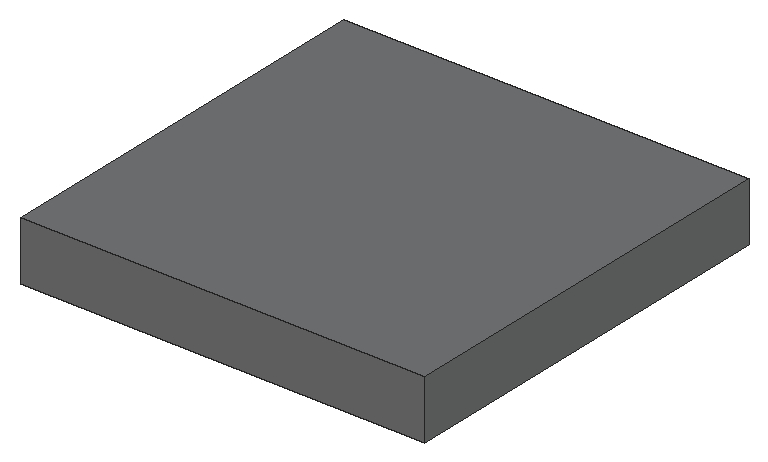
Revit family "Gira_0268005", category Electrical Fixtures, host Face, Revit 2017
Family settings
  Host = Face
  Maintain Annotation Orientation = No
  Round Connector Dimension = Use Diameter
  Part Type = Normal
  Cut with Voids When Loaded = No
  Shared = No
  Room Calculation Point = No
Parameters (values of type "Blindabd. Tragring System 55 Schwarz m")
  Zusammenstellung = "Zentralplatte"
  Werkstoffgüte = "sonstige"
  Werkstoff = "sonstige"
  Verwendung = "Blindabdeckung"
  URL = "http://katalog.gira.de/de_DE/datenblatt.html?artikelnr=0268005"
  Transparent = "No"
  Tragring = "Yes"
  Region = "DE"
  Oberfläche = "sonstige"
  Name = "Blindabd. Tragring System 55 Schwarz m"
  Montageart = "unter Putz"
  Mit Zugentlastung = "No"
  Mit Staubschutz = "No"
  Mit Klappdeckel = "No"
  Mit Aufdruck = "No"
  Manufacturer URL = "https://www.gira.de/"
  Lüsterklemme = "No"
  Keynote = "Sys55_Abdeckung_Schalten und Tasten"
  HeinzeBIM = "https://bimportal.heinze.de/bim/blindabd-tragring-system-55-schwarz-m/e1971f67f20861618c862368c9105725f9116759"
  Halogenfrei = "Yes"
  HAN = "0268005"
  Geeignet für Schutzart (IP) = "IP20"
  GTIN = "4010337037040"
  Farbe = "schwarz"
  Default Elevation = 1219.2 mm
  Data sheet (1) = "https://katalog.gira.de/de_DE/download.html?artikelnr=0268005"
  Category = "Einsatz/Abdeckung für Kommunikationstechnik"
  Beschriftungsfeld = "ohne Beschriftungsfeld"
  Befestigungsart = "Befestigung mit Schraube"
  Available = "Yes"
  Ausführung der Oberfläche = "matt"
  Anthrazit [instance] = Anthrazit
Reference planes
  plane 1 "Center (Front/Back)": y = 0
  plane 2: z = 0
  plane 3 "Center (Left/Right)": x = 0
Forms (mm)
  Extrusion 1, solid, material "Anthrazit" <- "Anthrazit", detail levels fine
    sketch origin (0, 0, 0) x (1, 0, 0) y (0, 1, 0)
      loop
        line (-27.5, 27.5) -> (-27.5, -27.5) -> (27.5, -27.5) -> (27.5, 27.5) -> (-27.5, 27.5)
    from 0 to 8
  Extrusion 2, void
    sketch origin (0, 0, 0) x (1, 0, 0) y (0, 1, 0)
      loop
        line (26, 26) -> (-26, 26) -> (-26, -26) -> (26, -26) -> (26, 26)
    from 0 to 6
  Extrusion 3, solid, material "Anthrazit" <- "Anthrazit", detail levels medium
    sketch origin (0, 0, 0) x (1, 0, 0) y (0, 1, 0)
      loop
        line (-27.5, 27.5) -> (-27.5, -27.5) -> (27.5, -27.5) -> (27.5, 27.5) -> (-27.5, 27.5)
    from 0 to 8
  Extrusion 4, solid, material "Anthrazit" <- "Anthrazit", detail levels medium
    sketch origin (0, 0, 0) x (1, 0, 0) y (0, 1, 0)
      loop
        line (11, -17.5) -> (11, 17.5) -> (-11, 17.5) -> (-11, -17.5) -> (11, -17.5)
    from -6 to 6
  Extrusion 5, solid, material "Anthrazit" <- "Anthrazit", detail levels fine
    sketch origin (0, 0, 0) x (1, 0, 0) y (0, 1, 0)
      loop
        line (11, 17.5) -> (-11, 17.5) -> (-11, 16.5) -> (11, 16.5) -> (11, 17.5)
      loop
        line (-11, -16.5) -> (-11, -17.5) -> (11, -17.5) -> (11, -16.5) -> (-11, -16.5)
    from -4 to 6
  Extrusion 6, solid, material "Anthrazit" <- "Anthrazit", detail levels fine
    sketch origin (0, 0, 0) x (1, 0, 0) y (0, 1, 0)
      loop
        arc (5, 9.347) -> (0, 10.6) -> (-5, 9.347) r 10.6
        line (-5, 9.347) -> (-5, -9.347)
        arc (-5, -9.347) -> (0, -10.6) -> (5, -9.347) r 10.6
        line (5, -9.347) -> (5, 9.347)
    from -6 to 6
  Extrusion 7, solid, material "Anthrazit" <- "Anthrazit", detail levels coarse
    sketch origin (0, 0, 0) x (1, 0, 0) y (0, 1, 0)
      loop
        line (-27.5, 27.5) -> (-27.5, -27.5) -> (27.5, -27.5) -> (27.5, 27.5) -> (-27.5, 27.5)
    from -6 to 8
Cuts and joins
  Extrusion 2 cuts Extrusion 1
Dimensions and locks
  aligned and locked: plane 2 to host face
  aligned and locked: level to host face
